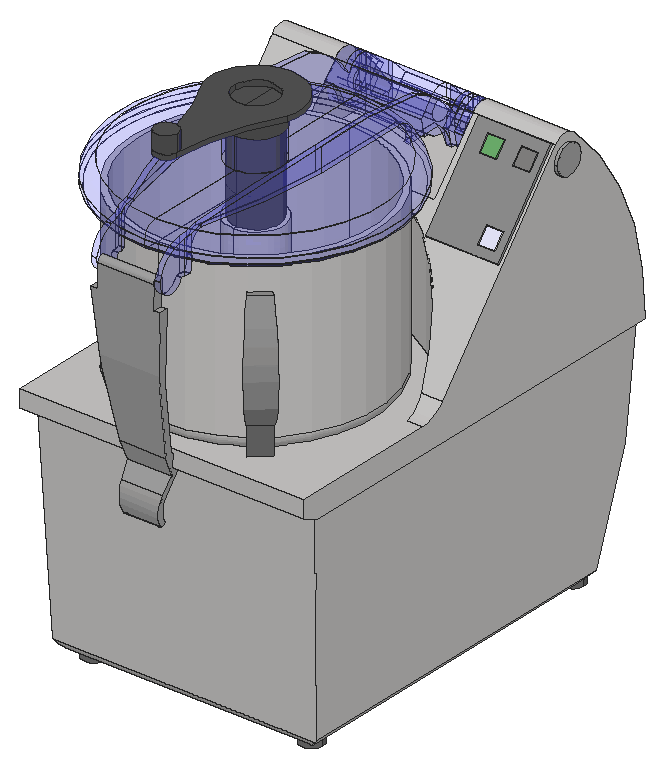
Revit family "QF_ELECTROLUXPROFESSIONAL_600505_K45Y1V6I", category Specialty Equipment, Revit 2018
Family settings
  Round Connector Dimension = Use Diameter
  Part Type = Normal
  Work Plane-Based = No
  Always vertical = Yes
  Cut with Voids When Loaded = No
  Shared = No
  Room Calculation Point = No
Parameters (values of type "Standard")
  Weight = 22.00 kg
  Watts = 0 W
  Volts = 208 V
  URL Manufacturer = "http://professional.electrolux.com"
  URL = "http://professional.electrolux.com"
  Steam Supply Size = 0 mm
  Steam Supply Minimum Pressure = 0.0 Pa
  Steam Supply Maximum Pressure = 0.0 Pa
  Steam Pounds per Hour = 0
  Refrigeration Suction Line Size = 0.0 mm
  Refrigeration Liquid Line Size = 0.0 mm
  Refrigerant Compressor Remote = yes
  Manufacturer = "Electrolux Professional"
  Phase = 1
  Model = "K45Y1V6I"
  Length Actual = 256.0 mm  # constant formula
  Item Number = "600505"
  Hot Water Size = 0 mm
  Height Actual = 482.0 mm  # constant formula
  HP = "1 HP"
  Gas Size = 0 mm
  Gas KW = 0
  Gas Input Pressure = 0 W
  Direct Waste Size = 0 mm
  Description = "CUTTER-MIXER 4.5L-MICROTOOTHED BLADE-1SPEED-750W-208-230V/1N/60 CB APPROVED, SCHUKO PLUG"
  Depth Actual = 415.0 mm  # constant formula
  Cycle = 60 Hz
  Condensate Return Size = 0 mm
  Compressed Air Volume = 0.0 L/s
  Compressed Air Size = 0 mm
  Compressed Air Pressure = 0.0 Pa
  Cold Water Size = 0 mm
  Accessory = yes
Reference planes
  plane 1 "Center (Front/Back)": y = 0
  plane 2: z = 0
  plane 3 "Center (Left/Right)": x = 0
  plane 4 "BASE": z = 6
  plane 5 "TOP": z = 685
  plane 6 "FRONT": y = -207.5
  plane 7 "BACK": y = 207.5
  plane 8 "LEFT": x = -128
  plane 9 "RIGHT": x = 128
  plane 10 "CenterX": x = -10
  plane 11 "Maniglia": through (-10, -59.177, 4000) normal (0.766, 0.6428, 0)
  plane 12 "Panel": through (4267.2, 107.252, 388.448) normal (0, 0.766, -0.6428)
  plane 13: z = 470
Forms (mm)
  Extrusion 1, solid, material "QF_Finishes_Stainless Steel"
    sketch origin (0, 0, 0) x (0, 1, 0) y (0, 0, 1)
      loop
        arc (155.897, 6) -> (160.37, 10.596) -> (163.359, 16.27) r 22.417
        arc (163.359, 16.27) -> (192.273, 107.896) -> (201.98, 203.483) r 470.678
        line (201.98, 203.483) -> (-161.42, 203.483)
        arc (-161.42, 203.483) -> (-159.547, 108.877) -> (-151.391, 14.604) r 1423.016
        arc (-151.391, 14.604) -> (-146.603, 8.365) -> (-139.103, 6) r 13.076
        line (-139.103, 6) -> (155.897, 6)
    from -128 to 128
  Extrusion 2, void
    sketch origin (0, -207.5, 0) x (-1, 0, 0) y (0, 0, 1)
      loop
        line (128, 203.483) -> (125, 203.483) -> (119.389, 16.27) -> (109.119, 6) -> (128, 6) -> (128, 203.483)
      loop
        line (-128, 203.483) -> (-128, 6) -> (-109.119, 6) -> (-119.389, 16.27) -> (-125, 203.483) -> (-128, 203.483)
    from 14.374 to 435.947
  Extrusion 3, solid, material "QF_Finishes_Stainless Steel"
    sketch origin (0, 0, 0) x (0, 1, 0) y (0, 0, 1)
      loop
        arc (207.5, 203.483) -> (187.745, 305.45) -> (127.203, 389.844) r 242.898
        arc (127.203, 389.844) -> (116.931, 393.38) -> (107.252, 388.448) r 13.902
        line (107.252, 388.448) -> (-20.106, 236.67)
        arc (-20.106, 236.67) -> (-30.264, 228.875) -> (-42.764, 226.104) r 29.578
        line (-42.764, 226.104) -> (-177.764, 226.104) -> (-177.764, 211.104) -> (-161.42, 203.483) -> (207.5, 203.483)
    from -128 to 128
  Extrusion 4, void
    sketch origin (0, -207.5, 0) x (-1, 0, 0) y (0, 0, 1)
      loop
        line (-53.607, 393.414) -> (-53.607, 336.684) -> (71.073, 336.684) -> (71.073, 393.414) -> (-53.607, 393.414)
    from 255.469 to 415
  Revolve 5, solid, material "QF_Plastic-Black"
    sketch origin (-10, 0, 0) x (0, -1, 0) y (0, 0, 1)
      loop
        line (59.177, 450.527) -> (28.516, 450.527) -> (35.424, 443.619) -> (35.424, 430.527) -> (38.194, 430.527) -> (38.194, 356.104) -> (59.177, 356.104) -> (59.177, 450.527)
      axis (59.177, 356.104) -> (59.177, 450.527)
    angle from 0 to 360
  Extrusion 6, solid, material "QF_Plastic-Black"
    sketch origin (0, 0, 0) x (1, 0, 0) y (0, 1, 0)
      loop
        arc (-48.167, -71.147) -> (-28.951, -114.517) -> (-19.956, -161.093) r 210.055
        arc (-19.956, -161.093) -> (-10, -170.155) -> (-0.044, -161.093) r 10
        arc (-0.044, -161.093) -> (8.951, -114.517) -> (28.167, -71.147) r 210.055
        arc (28.167, -71.147) -> (-10, -19.177) -> (-48.167, -71.147) r 40
    from 450.5 to 455
  Extrusion 7, solid, material "QF_Plastic-Black"
    sketch origin (0, 0, 0) x (1, 0, 0) y (0, 1, 0)
      loop
        circle (-10, -160.155) r 10
    from 455 to 470
  Extrusion 8, void
    sketch origin (0, 0, 0) x (1, 0, 0) y (0, 1, 0)
      loop
        circle (-10, -59.177) r 19
    from 427.6 to 472.8
  Extrusion 9, void
    sketch origin (0, 0, 0) x (1, 0, 0) y (0, 1, 0)
      loop
        arc (115, -59.177) -> (-10, 65.823) -> (-135, -59.177) r 125
        line (-135, -59.177) -> (115, -59.177)
    from 226.104 to 336.684
  Extrusion 10, void
    sketch origin (-20, 0, 0) x (-1, 0, 0) y (0, -1, 0)
      loop
        line (16.15, 177.864) -> (16.15, -123.86) -> (35.771, -123.86) -> (35.771, 48.192)
        arc (35.771, 48.192) -> (30.047, 105.502) -> (17.781, 161.776) r 500.876
        line (17.781, 161.776) -> (17.781, 171.776) -> (16.15, 177.864)
      loop
        line (40.771, -123.86) -> (45.852, -123.86) -> (45.852, 210.681) -> (21.15, 210.681) -> (21.15, 178.522) -> (22.781, 172.434) -> (22.781, 162.459)
        arc (22.781, 162.459) -> (35.047, 105.893) -> (40.771, 48.297) r 505.876
        line (40.771, 48.297) -> (40.771, -123.86)
    from 350.345 to 477.521
  Extrusion 11, solid, material "Glass"
    sketch origin (-20, 0, 0) x (0, 1, 0) y (0, 0, -1)
      loop
        line (-173.064, -369.647) -> (-181.303, -369.647)
        arc (-181.303, -369.647) -> (-196.341, -361.818) -> (-205.451, -376.117) r 12.548
        arc (-205.451, -376.117) -> (-199.87, -388.651) -> (-189.058, -397.099) r 28.357
        arc (-189.058, -397.099) -> (-65.868, -423.241) -> (59.99, -418.888) r 518.061
        arc (59.99, -418.888) -> (85.116, -404.522) -> (104.437, -382.973) r 90.696
        arc (104.437, -382.973) -> (113.885, -392.821) -> (127.203, -389.844) r 13.902
        arc (127.203, -389.844) -> (135.322, -382.188) -> (143.082, -374.167) r 242.898
        line (143.082, -374.167) -> (137.378, -368.464)
        arc (137.378, -368.464) -> (123.613, -353.84) -> (104.088, -358.543) r 20
        line (104.088, -358.543) -> (99.34, -358.543)
        arc (99.34, -358.543) -> (94.194, -371.609) -> (85.823, -382.884) r 53.446
        line (85.823, -382.884) -> (50.823, -382.884)
        arc (50.823, -382.884) -> (52.796, -383.701) -> (53.614, -385.674) r 2.79
        line (53.614, -385.674) -> (53.614, -390.892)
        arc (53.614, -390.892) -> (50.154, -399.244) -> (41.802, -402.703) r 11.812
        line (41.802, -402.703) -> (-160.307, -402.703)
        arc (-160.307, -402.703) -> (-168.659, -399.244) -> (-172.119, -390.892) r 11.812
        line (-172.119, -390.892) -> (-172.119, -385.826)
        arc (-172.119, -385.826) -> (-171.728, -384.361) -> (-170.659, -383.285) r 2.942
        line (-170.659, -383.285) -> (-173.064, -369.647)
      loop
        circle (117.901, -373.007) r 9.416
    from 16.15 to 45.852
  Extrusion 12, solid, material "Glass"
    sketch origin (0, 0, 0) x (0, 1, 0) y (0, 0, 1)
      loop
        line (137.378, 368.464) -> (143.082, 374.167)
        arc (143.082, 374.167) -> (135.322, 382.188) -> (127.203, 389.844) r 242.898
        arc (127.203, 389.844) -> (116.931, 393.38) -> (107.252, 388.448) r 13.902
        line (107.252, 388.448) -> (95.766, 374.76)
        arc (95.766, 374.76) -> (97.862, 366.72) -> (99.34, 358.543) r 108.872
        line (99.34, 358.543) -> (104.088, 358.543)
        arc (104.088, 358.543) -> (123.613, 353.84) -> (137.378, 368.464) r 20
      loop
        circle (117.901, 373.007) r 9.416
    from -71.073 to 53.607
  Extrusion 13, solid, material "QF_Finishes_Gray"
    sketch origin (0, 0, 0) x (0, 1, 0) y (0, 0, 1)
      loop
        arc (-182.273, 168.111) -> (-185.377, 178.111) -> (-182.273, 188.111) r 17.658
        line (-182.273, 188.111) -> (-169.592, 207.294) -> (-177.764, 211.104) -> (-177.764, 222.201) -> (-180.378, 224.815)
        arc (-180.378, 224.815) -> (-194.973, 298.318) -> (-196.805, 373.235) r 437.299
        arc (-196.805, 373.235) -> (-201.296, 377.726) -> (-205.788, 373.235) r 4.491
        arc (-205.788, 373.235) -> (-201.07, 296.739) -> (-185.461, 221.705) r 534.528
        line (-185.461, 221.705) -> (-177.764, 203.503) -> (-186.394, 190.943)
        arc (-186.394, 190.943) -> (-190.377, 178.111) -> (-186.394, 165.28) r 22.658
        arc (-186.394, 165.28) -> (-182.917, 164.635) -> (-182.273, 168.111) r 2.5
    from -49.646 to 27.326
  Extrusion 14, void
    sketch origin (0, -207.5, 0) x (-1, 0, 0) y (0, 0, 1)
      loop
        line (-15.15, 396.938) -> (-47.326, 396.938) -> (-47.326, 161.938) -> (-5.366, 161.938) -> (-20.516, 351.652) -> (-15.15, 351.652) -> (-15.15, 396.938)
      loop
        line (26.963, 161.938) -> (77.918, 161.938) -> (77.918, 396.938) -> (35.15, 396.938) -> (35.15, 351.652) -> (42.113, 351.652) -> (26.963, 161.938)
    from 46.08 to -69.339
  Extrusion 15, solid, material "Glass"
    sketch origin (0, 0, 0) x (0, 1, 0) y (0, 0, 1)
      loop
        line (-173.064, 369.647) -> (-170.659, 383.285)
        arc (-170.659, 383.285) -> (-171.728, 384.361) -> (-172.119, 385.826) r 2.942
        line (-172.119, 385.826) -> (-172.119, 390.892)
        arc (-172.119, 390.892) -> (-168.659, 399.244) -> (-160.307, 402.703) r 11.812
        line (-160.307, 402.703) -> (41.802, 402.703)
        arc (41.802, 402.703) -> (50.154, 399.244) -> (53.614, 390.892) r 11.812
        line (53.614, 390.892) -> (53.614, 385.674)
        arc (53.614, 385.674) -> (52.796, 383.701) -> (50.823, 382.884) r 2.79
        line (50.823, 382.884) -> (85.823, 382.884)
        arc (85.823, 382.884) -> (94.194, 371.609) -> (99.34, 358.543) r 53.446
        line (99.34, 358.543) -> (104.088, 358.543)
        arc (104.088, 358.543) -> (123.613, 353.84) -> (137.378, 368.464) r 20
        line (137.378, 368.464) -> (143.082, 374.167)
        arc (143.082, 374.167) -> (135.322, 382.188) -> (127.203, 389.844) r 242.898
        arc (127.203, 389.844) -> (113.885, 392.821) -> (104.437, 382.973) r 13.902
        arc (104.437, 382.973) -> (85.116, 404.522) -> (59.99, 418.888) r 90.696
        arc (59.99, 418.888) -> (-65.868, 423.241) -> (-189.058, 397.099) r 518.061
        arc (-189.058, 397.099) -> (-199.87, 388.651) -> (-205.451, 376.117) r 28.357
        arc (-205.451, 376.117) -> (-196.341, 361.818) -> (-181.303, 369.647) r 12.548
        line (-181.303, 369.647) -> (-173.064, 369.647)
      loop
        circle (117.901, 373.007) r 9.416
    from 16.15 to 45.852
  Extrusion 16, void
    sketch origin (0, 0, 0) x (1, 0, 0) y (0, 1, 0)
      loop
        line (16.15, -177.864) -> (17.781, -171.776) -> (17.781, -161.776)
        arc (17.781, -161.776) -> (30.047, -105.502) -> (35.771, -48.192) r 500.876
        line (35.771, -48.192) -> (35.771, 123.86) -> (16.15, 123.86) -> (16.15, -177.864)
      loop
        line (40.771, 123.86) -> (40.771, -48.297)
        arc (40.771, -48.297) -> (35.047, -105.893) -> (22.781, -162.459) r 505.876
        line (22.781, -162.459) -> (22.781, -172.434) -> (21.15, -178.522) -> (21.15, -210.681) -> (45.852, -210.681) -> (45.852, 123.86) -> (40.771, 123.86)
    from 350.345 to 477.521
  Revolve 17, solid, material "Glass"
    sketch origin (-10, 0, -40) x (0, -1, 0) y (0, 0, 1)
      loop
        line (38.194, 422.884) -> (38.194, 470.527) -> (35.424, 470.527) -> (35.424, 442.703) -> (-53.802, 442.703)
        arc (-53.802, 442.703) -> (-62.213, 439.268) -> (-65.732, 430.892) r 11.871
        line (-65.732, 430.892) -> (-65.732, 425.793)
        arc (-65.732, 425.793) -> (-64.88, 423.736) -> (-62.823, 422.884) r 2.909
        line (-62.823, 422.884) -> (38.194, 422.884)
      axis (59.177, 422.884) -> (59.177, 470.527)
    angle from 0 to 360
  Revolve 18, solid, material "QF_Metal-Stainless-Polished"
    sketch origin (-10, 0, 0) x (0, -1, 0) y (0, 0, 1)
      loop
        line (169.177, 382.884) -> (164.177, 382.884) -> (164.177, 237.884)
        arc (164.177, 237.884) -> (162.191, 233.09) -> (157.397, 231.104) r 6.78
        line (157.397, 231.104) -> (84.177, 231.104) -> (84.177, 356.104) -> (79.177, 356.104) -> (79.177, 226.104) -> (157.397, 226.104)
        arc (157.397, 226.104) -> (165.726, 229.554) -> (169.177, 237.884) r 11.78
        line (169.177, 237.884) -> (169.177, 382.884)
      axis (59.177, 382.884) -> (59.177, 226.104)
    angle from 0 to 360
  Extrusion 19, solid, material "QF_Plastic-Gray-Matte"
    sketch origin (-49.423, -13.925, 0) x (0.634002, 0.773331, 0) y (-0.773331, 0.634002, 0)
      loop
        line (-55.497, -222.333) -> (-26.468, -227.794) -> (-20.635, -161.119)
        arc (-20.635, -161.119) -> (-28.727, -159.898) -> (-36.729, -158.185) r 133.529
        line (-36.729, -158.185) -> (-55.497, -222.333)
    from 226.104 to 356.104
  Revolve 20, void
    sketch origin (-35.007, -29.374, 0) x (-0.642788, 0.766044, 0) y (0, 0, 1)
      loop
        arc (-155.215, 337.579) -> (-171.344, 302.579) -> (-155.215, 267.579) r 46.04
        line (-155.215, 267.579) -> (-147.754, 267.579) -> (-147.754, 337.579) -> (-155.215, 337.579)
      loop
        line (-155.215, 356.104) -> (-147.754, 356.104) -> (-147.754, 361.761) -> (-215.215, 361.761) -> (-215.215, 226.104) -> (-147.754, 226.104) -> (-147.754, 256.485) -> (-163.93, 256.485)
        arc (-163.93, 256.485) -> (-184.453, 308.471) -> (-155.215, 356.104) r 62.537
      axis (10, 361.761) -> (10, 226.104)
    angle from -8.217 to 8.652
  Extrusion 21, solid, material "QF_Finishes_Rubber Black"
    sketch origin (0, 0, 0) x (1, 0, 0) y (0, 1, 0)
      loop
        arc (57.446, -154.071) -> (64.931, -148.135) -> (72.061, -141.775) r 165.215
        line (72.061, -141.775) -> (66.401, -136.116)
        arc (66.401, -136.116) -> (59.824, -141.977) -> (52.928, -147.46) r 157.215
        line (52.928, -147.46) -> (57.446, -154.071)
    from 226.104 to 256.485
  Extrusion 22, solid, material "QF_Plastic-Gray-Matte"
    sketch origin (0, -128.336, 107.686) x (0, 0.642788, 0.766044) y (1, 0, 0)
      loop
        line (366.07, 59.066) -> (366.07, 124.8) -> (272.743, 124.8) -> (272.743, 59.066) -> (366.07, 59.066)
      loop
        line (356.63, 102.599) -> (356.63, 117.599) -> (341.63, 117.599) -> (341.63, 102.599) -> (356.63, 102.599)
      loop
        line (295.63, 102.599) -> (295.63, 117.599) -> (280.63, 117.599) -> (280.63, 102.599) -> (295.63, 102.599)
      loop
        line (356.63, 72.599) -> (356.63, 87.599) -> (341.63, 87.599) -> (341.63, 72.599) -> (356.63, 72.599)
    from -1 to 0.6
  Extrusion 23, solid, material "QF_Finishes_Red"
    sketch origin (0, -128.336, 107.686) x (0, 0.642788, 0.766044) y (1, 0, 0)
      loop
        line (356.63, 102.599) -> (356.63, 117.599) -> (341.63, 117.599) -> (341.63, 102.599) -> (356.63, 102.599)
    from -1 to 0.6
  Extrusion 24, solid, material "QF_Finishes_Green"
    sketch origin (-27.396, -127.834, 108.284) x (0, 0.642788, 0.766044) y (1, 0, 0)
      loop
        line (355.85, 99.994) -> (355.85, 114.994) -> (340.786, 114.994) -> (340.786, 99.994) -> (355.85, 99.994)
    from -1 to 0.6
  Extrusion 25, solid, material "QF_Plastic-White-Matte"
    sketch origin (0, -167.546, 60.958) x (0, 0.642788, 0.766044) y (1, 0, 0)
      loop
        line (356.63, 102.599) -> (356.63, 117.599) -> (341.63, 117.599) -> (341.63, 102.599) -> (356.63, 102.599)
    from -1 to 0.6
  Extrusion 26, solid, material "QF_Finishes_Stainless Steel"
    sketch origin (0, 207.5, 0) x (-1, 0, 0) y (0, 0, 1)
      loop
        circle (0, 202) r 10.353
    from -6.2 to 3
  Revolve 27, solid, material "QF_Door-Drawer Clearances", detail levels coarse
    sketch origin (-10, -221.856, 479.549) x (0, 0, 1) y (0, 1, 0)
      loop
        line (59.177, 490.527) -> (28.516, 490.527) -> (35.424, 483.619) -> (35.424, 470.527) -> (38.194, 470.527) -> (38.194, 442.703) -> (59.177, 442.703) -> (59.177, 490.527)
      axis (59.177, 442.703) -> (59.177, 490.527)
    angle from 0 to 360
  Extrusion 28, solid, material "QF_Door-Drawer Clearances", detail levels coarse
    sketch origin (0, -221.856, 479.549) x (1, 0, 0) y (0, 0, -1)
      loop
        arc (-48.167, -71.147) -> (-28.951, -114.517) -> (-19.956, -161.093) r 210.055
        arc (-19.956, -161.093) -> (-10, -170.155) -> (-0.044, -161.093) r 10
        arc (-0.044, -161.093) -> (8.951, -114.517) -> (28.167, -71.147) r 210.055
        arc (28.167, -71.147) -> (-10, -19.177) -> (-48.167, -71.147) r 40
    from 490.527 to 495.013
  Extrusion 29, solid, material "QF_Door-Drawer Clearances", detail levels coarse
    sketch origin (0, -221.856, 479.549) x (1, 0, 0) y (0, 0, -1)
      loop
        circle (-10, -160.155) r 10
    from 495.013 to 510.592
  Extrusion 30, void
    sketch origin (-20, -221.856, 479.359) x (-1, 0, 0) y (0, 0, 1)
      loop
        line (16.15, 177.864) -> (16.15, -123.86) -> (35.771, -123.86) -> (35.771, 48.192)
        arc (35.771, 48.192) -> (30.047, 105.502) -> (17.781, 161.776) r 500.876
        line (17.781, 161.776) -> (17.781, 171.776) -> (16.15, 177.864)
      loop
        line (40.771, -123.86) -> (45.852, -123.86) -> (45.852, 210.681) -> (21.15, 210.681) -> (21.15, 178.522) -> (22.781, 172.434) -> (22.781, 162.459)
        arc (22.781, 162.459) -> (35.047, 105.893) -> (40.771, 48.297) r 505.876
        line (40.771, 48.297) -> (40.771, -123.86)
    from 350.345 to 477.521
  Extrusion 31, solid, material "QF_Door-Drawer Clearances", detail levels coarse
    sketch origin (-20, -221.856, 479.359) x (0, 0, -1) y (0, -1, 0)
      loop
        line (-173.064, -409.647) -> (-181.303, -409.647)
        arc (-181.303, -409.647) -> (-196.341, -401.818) -> (-205.451, -416.117) r 12.548
        arc (-205.451, -416.117) -> (-199.87, -428.651) -> (-189.058, -437.099) r 28.357
        arc (-189.058, -437.099) -> (-65.868, -463.241) -> (59.99, -458.888) r 518.061
        arc (59.99, -458.888) -> (92.246, -438.11) -> (113.023, -405.855) r 90.696
        arc (113.023, -405.855) -> (114.903, -399.662) -> (115.972, -393.28) r 50.278
        arc (115.972, -393.28) -> (121.968, -392.806) -> (127.203, -389.844) r 13.902
        arc (127.203, -389.844) -> (129.309, -387.924) -> (131.393, -385.98) r 242.898
        arc (131.393, -385.98) -> (114.739, -373.307) -> (99.238, -359.247) r 242.898
        arc (99.238, -359.247) -> (87.934, -393.903) -> (65.823, -422.884) r 108.872
        line (65.823, -422.884) -> (50.823, -422.884)
        arc (50.823, -422.884) -> (52.796, -423.701) -> (53.614, -425.674) r 2.79
        line (53.614, -425.674) -> (53.614, -430.892)
        arc (53.614, -430.892) -> (50.154, -439.244) -> (41.802, -442.703) r 11.812
        line (41.802, -442.703) -> (-160.307, -442.703)
        arc (-160.307, -442.703) -> (-168.659, -439.244) -> (-172.119, -430.892) r 11.812
        line (-172.119, -430.892) -> (-172.119, -425.826)
        arc (-172.119, -425.826) -> (-171.728, -424.361) -> (-170.659, -423.285) r 2.942
        line (-170.659, -423.285) -> (-173.064, -409.647)
    from 16.15 to 45.852
  Extrusion 32, void
    sketch origin (0, -221.856, 479.359) x (1, 0, 0) y (0, 0, -1)
      loop
        line (16.15, -177.864) -> (17.781, -171.776) -> (17.781, -161.776)
        arc (17.781, -161.776) -> (30.047, -105.502) -> (35.771, -48.192) r 500.876
        line (35.771, -48.192) -> (35.771, 123.86) -> (16.15, 123.86) -> (16.15, -177.864)
      loop
        line (40.771, 123.86) -> (40.771, -48.297)
        arc (40.771, -48.297) -> (35.047, -105.893) -> (22.781, -162.459) r 505.876
        line (22.781, -162.459) -> (22.781, -172.434) -> (21.15, -178.522) -> (21.15, -210.681) -> (45.852, -210.681) -> (45.852, 123.86) -> (40.771, 123.86)
    from 350.345 to 477.521
  Extrusion 33, solid, material "QF_Door-Drawer Clearances", detail levels coarse
    sketch origin (0, -221.856, 479.359) x (0, 0, -1) y (0, 1, 0)
      loop
        line (-173.064, 409.647) -> (-170.659, 423.285)
        arc (-170.659, 423.285) -> (-171.728, 424.361) -> (-172.119, 425.826) r 2.942
        line (-172.119, 425.826) -> (-172.119, 430.892)
        arc (-172.119, 430.892) -> (-168.659, 439.244) -> (-160.307, 442.703) r 11.812
        line (-160.307, 442.703) -> (41.802, 442.703)
        arc (41.802, 442.703) -> (50.154, 439.244) -> (53.614, 430.892) r 11.812
        line (53.614, 430.892) -> (53.614, 425.674)
        arc (53.614, 425.674) -> (52.796, 423.701) -> (50.823, 422.884) r 2.79
        line (50.823, 422.884) -> (65.823, 422.884)
        arc (65.823, 422.884) -> (87.934, 393.903) -> (99.238, 359.247) r 108.872
        arc (99.238, 359.247) -> (114.739, 373.307) -> (131.393, 385.98) r 242.898
        arc (131.393, 385.98) -> (129.309, 387.924) -> (127.203, 389.844) r 242.898
        arc (127.203, 389.844) -> (121.968, 392.806) -> (115.972, 393.28) r 13.902
        arc (115.972, 393.28) -> (114.903, 399.662) -> (113.023, 405.855) r 50.278
        arc (113.023, 405.855) -> (92.246, 438.11) -> (59.99, 458.888) r 90.696
        arc (59.99, 458.888) -> (-65.868, 463.241) -> (-189.058, 437.099) r 518.061
        arc (-189.058, 437.099) -> (-199.87, 428.651) -> (-205.451, 416.117) r 28.357
        arc (-205.451, 416.117) -> (-196.341, 401.818) -> (-181.303, 409.647) r 12.548
        line (-181.303, 409.647) -> (-173.064, 409.647)
    from 16.15 to 45.852
  Revolve 34, solid, material "QF_Door-Drawer Clearances", detail levels coarse
    sketch origin (-10, -221.856, 479.549) x (0, 0, 1) y (0, 1, 0)
      loop
        line (38.194, 422.884) -> (38.194, 470.527) -> (35.424, 470.527) -> (35.424, 442.703) -> (-53.802, 442.703)
        arc (-53.802, 442.703) -> (-62.213, 439.268) -> (-65.732, 430.892) r 11.871
        line (-65.732, 430.892) -> (-65.732, 425.793)
        arc (-65.732, 425.793) -> (-64.88, 423.736) -> (-62.823, 422.884) r 2.909
        line (-62.823, 422.884) -> (38.194, 422.884)
      axis (59.177, 422.884) -> (59.177, 470.527)
    angle from 0 to 360
  Extrusion 35, solid, material "QF_Finishes_Rubber Black"
    sketch origin (0, 0, 0) x (1, 0, 0) y (0, 1, 0)
      loop
        circle (-98.592, 163.359) r 10
      loop
        circle (-98.592, -131.641) r 10
      loop
        circle (98.592, 163.359) r 10
      loop
        circle (98.592, -131.641) r 10
    from 0 to 6
  Extrusion 36, solid, material "QF_Finishes_Gray"
    sketch origin (0, 0, 0) x (0, 1, 0) y (0, 0, 1)
      loop
        circle (117.901, 373.007) r 13.005
    from 131.516 to 128
  Extrusion 37, solid, material "QF_Finishes_Gray"
    sketch origin (0, 0, 0) x (0, 1, 0) y (0, 0, -1)
      loop
        circle (117.901, -373.007) r 13.005
    from 131.516 to 128
Cuts and joins
  Extrusion 2, Extrusion 8, Extrusion 9 cuts Extrusion 1
  Extrusion 4, Extrusion 9 cuts Extrusion 3
  Extrusion 8 cuts Extrusion 6
  Extrusion 10, Extrusion 16, Extrusion 30, Extrusion 32 cuts Extrusion 11
  Extrusion 14, Extrusion 16, Extrusion 30 cuts Extrusion 13
  Extrusion 16, Extrusion 30, Extrusion 32 cuts Extrusion 12
  Extrusion 16 cuts Extrusion 15
  Revolve 20 cuts Extrusion 19
  Extrusion 30 cuts Revolve 17
  Extrusion 30 cuts Revolve 18
  Extrusion 30, Extrusion 32 cuts Extrusion 31
  Extrusion 32 cuts Extrusion 33
Lines and regions (mm)
  symbolic lines
    curve 1: arc (-10, -172.155, 0) -> (3.999, -171.284, 0) -> (17.781, -168.686, 0) r 112.979
    curve 2: arc (-10, -184.085, 0) -> (-23.148, -183.391, 0) -> (-36.15, -181.317, 0) r 124.909
    curve 3: line (128, -157.764, 0) -> (128, 187.57, 0)
    curve 4: line (124.8, 106.204, 0) -> (59.066, 106.204, 0)
    curve 5: line (102.599, 90.494, 0) -> (117.599, 90.494, 0)
    curve 6: line (117.599, 62.151, 0) -> (102.599, 62.151, 0)
    curve 7: line (102.599, 51.284, 0) -> (117.599, 51.284, 0)
    curve 8: line (102.599, 62.151, 0) -> (102.599, 51.284, 0)
    curve 9: line (117.599, 51.284, 0) -> (117.599, 62.151, 0)
    curve 10: line (117.599, 90.494, 0) -> (117.599, 101.361, 0)
    curve 11: line (102.599, 101.361, 0) -> (102.599, 90.494, 0)
    curve 12: arc (-0.044, -161.093, 0) -> (8.951, -114.517, 0) -> (28.167, -71.147, 0) r 210.055
    curve 13: arc (28.167, -71.147, 0) -> (-10, -19.177, 0) -> (-48.167, -71.147, 0) r 40
    curve 14: arc (-48.167, -71.147, 0) -> (-28.951, -114.517, 0) -> (-19.956, -161.093, 0) r 210.055
    curve 15: arc (-19.956, -161.093, 0) -> (-10, -170.155, 0) -> (-0.044, -161.093, 0) r 10
    curve 16: arc (0, -160.155, 0) -> (-10, -150.155, 0) -> (-20, -160.155, 0) r 10
    curve 17: arc (-55.771, -48.192, 0) -> (-50.047, -105.502, 0) -> (-37.781, -161.776, 0) r 500.876
    curve 18: arc (-42.781, -162.459, 0) -> (-55.047, -105.893, 0) -> (-60.771, -48.297, 0) r 505.876
    curve 19: line (-55.771, 123.86, 0) -> (-55.771, -48.192, 0)
    curve 20: line (-60.771, -48.297, 0) -> (-60.771, 123.86, 0)
    curve 21: line (40.771, 123.86, 0) -> (40.771, -48.297, 0)
    curve 22: line (35.771, -48.192, 0) -> (35.771, 123.86, 0)
    curve 23: arc (40.771, -48.297, 0) -> (35.047, -105.893, 0) -> (22.781, -162.459, 0) r 505.876
    curve 24: arc (17.781, -161.776, 0) -> (30.047, -105.502, 0) -> (35.771, -48.192, 0) r 500.876
    curve 25: line (22.781, -162.459, 0) -> (22.781, -172.434, 0)
    curve 26: line (17.781, -171.776, 0) -> (17.781, -161.776, 0)
    curve 27: line (16.15, -177.864, 0) -> (17.781, -171.776, 0)
    curve 28: line (22.781, -172.434, 0) -> (21.15, -178.522, 0)
    curve 29: line (21.15, -178.522, 0) -> (21.15, -205.641, 0)
    curve 30: line (-37.781, -161.776, 0) -> (-37.781, -171.776, 0)
    curve 31: line (-42.781, -172.434, 0) -> (-42.781, -162.459, 0)
    curve 32: line (-41.15, -178.522, 0) -> (-42.781, -172.434, 0)
    curve 33: line (-37.781, -171.776, 0) -> (-36.15, -177.864, 0)
    curve 34: line (-41.15, -205.641, 0) -> (-41.15, -178.522, 0)
    curve 35: spline (22.008, -197.61, 0) -> (21.937, -197.617, 0) -> (21.865, -197.622, 0) -> (21.794, -197.626, 0) -> (21.722, -197.627, 0) -> (21.651, -197.627, 0) -> (21.579, -197.625, 0) -> (21.508, -197.621, 0) -> (21.436, -197.615, 0) -> (21.365, -197.608, 0) -> (21.293, -197.598, 0) -> (21.222, -197.587, 0) -> (21.15, -197.574, 0)
    curve 36: line (-71.073, 171.51, 0) -> (53.607, 171.51, 0)
    curve 37: line (59.066, 46.214, 0) -> (124.8, 46.214, 0)
    curve 38: line (59.066, 106.204, 0) -> (59.066, 46.214, 0)
    curve 39: line (124.8, 46.214, 0) -> (124.8, 107.429, 0)
    curve 40: line (53.607, 48.324, 0) -> (53.607, 171.51, 0)
    curve 41: line (-71.073, 171.51, 0) -> (-71.073, 49.783, 0)
    curve 42: arc (40.771, 54.948, 0) -> (114.476, -69.566, 0) -> (21.15, -180.138, 0) r 124.909
    curve 43: arc (-60.771, 41.751, 0) -> (-122.562, -68.863, 0) -> (-42.781, -167.295, 0) r 112.979
    curve 44: line (93.154, -162.392, 0) -> (78.293, -147.531, 0)
    curve 45: line (93.154, -162.392, 0) -> (74.048, -178.424, 0)
    curve 46: line (74.048, -178.424, 0) -> (61.96, -161.274, 0)
    curve 47: arc (-37.781, -168.686, 0) -> (-23.999, -171.284, 0) -> (-10, -172.155, 0) r 112.979
    curve 48: arc (-41.15, -180.138, 0) -> (-94.625, -151.05, 0) -> (-128, -100.142, 0) r 124.909
    curve 49: arc (22.781, -167.295, 0) -> (102.562, -68.863, 0) -> (40.771, 41.751, 0) r 112.979
    curve 50: arc (16.15, -181.317, 0) -> (3.148, -183.391, 0) -> (-10, -184.085, 0) r 124.909
    curve 51: line (16.15, -205.242, 0) -> (16.15, -177.864, 0)
    curve 52: line (-36.15, -205.641, 0) -> (-36.15, -177.864, 0)
    curve 53: line (-41.15, -205.641, 0) -> (21.15, -205.641, 0)
    curve 54: line (22.008, -205.53, 0) -> (22.008, -197.61, 0)
    curve 55: line (22.008, -205.53, 0) -> (21.15, -205.53, 0)
    curve 56: spline (-42.008, -197.61, 0) -> (-41.937, -197.617, 0) -> (-41.865, -197.622, 0) -> (-41.794, -197.626, 0) -> (-41.722, -197.627, 0) -> (-41.651, -197.627, 0) -> (-41.579, -197.625, 0) -> (-41.508, -197.621, 0) -> (-41.436, -197.615, 0) -> (-41.365, -197.608, 0) -> (-41.293, -197.598, 0) -> (-41.222, -197.587, 0) -> (-41.15, -197.574, 0)
    curve 57: line (-42.008, -205.53, 0) -> (-42.008, -197.61, 0)
    curve 58: line (-42.008, -205.53, 0) -> (-41.15, -205.53, 0)
    curve 59: arc (-128, -18.211, 0) -> (-101.973, 25.34, 0) -> (-60.771, 54.948, 0) r 124.909
    curve 60: arc (-128, -100.142, 0) -> (-134.909, -59.177, 0) -> (-128, -18.211, 0) r 124.909
    curve 61: line (-108, -177.764, 0) -> (-49.233, -177.764, 0)
    curve 62: line (-128, 187.57, 0) -> (-128, -17.764, 0)
    curve 63: line (29.233, -177.764, 0) -> (108, -177.764, 0)
    curve 64: line (-128, -97.764, 0) -> (-128, -157.764, 0)
    curve 65: line (-108, 207.57, 0) -> (108, 207.57, 0)
    curve 66: arc (-128, -157.764, 0) -> (-122.142, -171.906, 0) -> (-108, -177.764, 0) r 20
    curve 67: arc (108, -177.764, 0) -> (122.142, -171.906, 0) -> (128, -157.764, 0) r 20
    curve 68: arc (128, 187.57, 0) -> (122.142, 201.713, 0) -> (108, 207.57, 0) r 20
    curve 69: arc (-108, 207.57, 0) -> (-122.142, 201.713, 0) -> (-128, 187.57, 0) r 20
    curve 70: line (45.852, 123.86, 0) -> (-71.073, 123.86, 0)
    curve 71: line (45.852, 137.378, 0) -> (-65.852, 137.378, 0)
    curve 72: line (45.852, 143.082, 0) -> (-65.852, 143.082, 0)
    curve 73: line (53.607, 123.86, 0) -> (45.852, 123.86, 0)
    curve 74: line (45.852, 123.86, 0) -> (45.852, 170.216, 0)
    curve 75: line (45.852, 170.216, 0) -> (-65.852, 170.216, 0)
    curve 76: line (-65.852, 170.216, 0) -> (-65.852, 123.86, 0)
    curve 77: line (102.599, 101.361, 0) -> (117.599, 101.361, 0)
    curve 78: line (72.599, 90.494, 0) -> (87.599, 90.494, 0)
    curve 79: line (87.599, 90.494, 0) -> (87.599, 101.361, 0)
    curve 80: line (72.599, 101.361, 0) -> (72.599, 90.494, 0)
    curve 81: line (72.599, 101.361, 0) -> (87.599, 101.361, 0)
Dimensions and locks
  plane 4 "BASE" to level = 6.0 mm
  plane 5 "TOP" to level = 685.0 mm  (x2)
  plane 8 "LEFT" to plane 3 "Center (Left/Right)" to plane 9 "RIGHT" = 128.0 mm, 128.0 mm
  plane 7 "BACK" to plane 1 "Center (Front/Back)" to plane 6 "FRONT" = 207.5 mm, 207.5 mm
  plane 7 "BACK" to plane 6 "FRONT" = 415.0 mm
  plane 8 "LEFT" to plane 9 "RIGHT" = 256.0 mm
  plane 10 "CenterX" to plane 3 "Center (Left/Right)" = 10.0 mm
  plane 13 to level = 470.0 mm
  aligned and locked: level to plane 2
  aligned and locked: Extrusion 22 sketch curve to Extrusion 23
Connectors
  electrical at (0, 210.5, 202)
    settings: on Extrusion 26, index 1, voltage 0 V, apparent load 0 VA, apparent load phase1 0 VA, apparent load phase2 0 VA, apparent load phase3 0 VA, power factor 1, load classification "Other", number of poles 1, system type 30, power factor state 1, is connector primary yes, connector utility no, sub classification motor no, connector description "Electrical connection"
